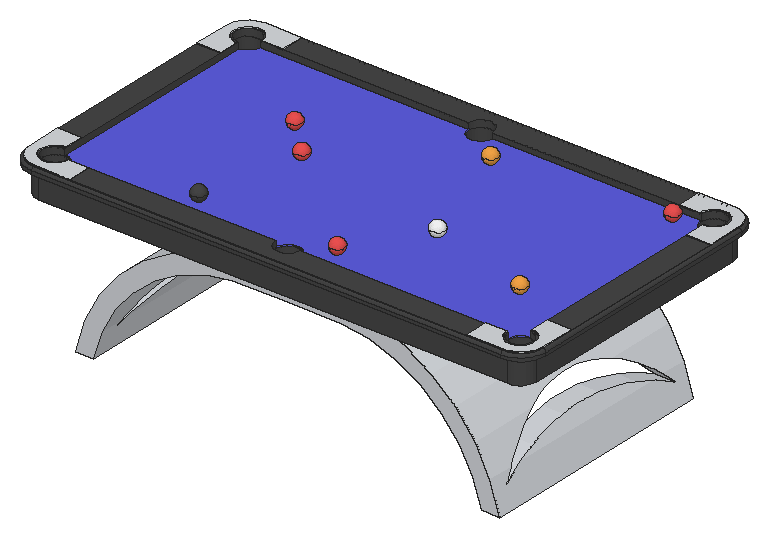
Revit family
Parameters
  Assembly Code = ""
Reference planes (in)
  plane 1 "Center (Front/Back)": y = 0
  plane 2: z = 0
  plane 3 "Center (Left/Right)": x = 0
  plane 4: z = 37.79528
Forms (in)
  Extrusion 1, solid, material "table material-black"
    sketch origin (0, 0, 0) x (1, 0, 0) y (0, 1, 0)
      loop
        line (-52.55906, 0) -> (52.55906, 0)
        arc (52.55906, 0) -> (56.45649, 1.61437) -> (58.07087, 5.51181) r 5.51181
        line (58.07087, 5.51181) -> (58.07087, 60.43307)
        arc (58.07087, 60.43307) -> (56.45649, 64.33051) -> (52.55906, 65.94488) r 5.51181
        line (52.55906, 65.94488) -> (-52.55906, 65.94488)
        arc (-52.55906, 65.94488) -> (-56.45649, 64.33051) -> (-58.07087, 60.43307) r 5.51181
        line (-58.07087, 60.43307) -> (-58.07087, 5.51181)
        arc (-58.07087, 5.51181) -> (-56.45649, 1.61437) -> (-52.55906, 0) r 5.51181
      loop
        line (49.40945, 60.03937) -> (2.75591, 60.03937)
        arc (2.75591, 60.03937) -> (0, 62.79528) -> (-2.75591, 60.03937) r 2.75591
        line (-2.75591, 60.03937) -> (-49.40945, 60.03937)
        arc (-49.40945, 60.03937) -> (-54.11407, 61.98809) -> (-52.16535, 57.28346) r 2.75591
        line (-52.16535, 57.28346) -> (-52.16535, 8.66142)
        arc (-52.16535, 8.66142) -> (-54.11407, 3.95679) -> (-49.40945, 5.90551) r 2.75591
        line (-49.40945, 5.90551) -> (-2.75591, 5.90551)
        arc (-2.75591, 5.90551) -> (0, 3.14961) -> (2.75591, 5.90551) r 2.75591
        line (2.75591, 5.90551) -> (49.40945, 5.90551)
        arc (49.40945, 5.90551) -> (54.11407, 3.95679) -> (52.16535, 8.66142) r 2.75591
        line (52.16535, 8.66142) -> (52.16535, 57.28346)
        arc (52.16535, 57.28346) -> (54.11407, 61.98809) -> (49.40945, 60.03937) r 2.75591
    from 36.32242 to 37.79528
  Sweep 2, void
    path origin (0, 0, 0) x (1, 0, 0) y (0, 1, 0)
      loop
        line (52.55906, 65.94488) -> (-52.55906, 65.94488)
        arc (-52.55906, 65.94488) -> (-56.45649, 64.33051) -> (-58.07087, 60.43307) r 5.51181
        line (-58.07087, 60.43307) -> (-58.07087, 5.51181)
        arc (-58.07087, 5.51181) -> (-56.45649, 1.61437) -> (-52.55906, 0) r 5.51181
        line (-52.55906, 0) -> (52.55906, 0)
        arc (52.55906, 0) -> (56.45649, 1.61437) -> (58.07087, 5.51181) r 5.51181
        line (58.07087, 5.51181) -> (58.07087, 60.43307)
        arc (58.07087, 60.43307) -> (56.45649, 64.33051) -> (52.55906, 65.94488) r 5.51181
    profile origin (0, 65.94488, 0) x (0, -1, 0) y (0, 0, 1)
      loop
        line (0, 37.79528) -> (0, 37.00787)
        arc (0, 37.00787) -> (0.18825, 37.40624) -> (0.52833, 37.68638) r 1.00886
        line (0.52833, 37.68638) -> (0.52833, 37.79528) -> (0, 37.79528)
  Extrusion 3, solid, material "table material-blue"
    sketch origin (0, 0, 0) x (1, 0, 0) y (0, 1, 0)
      loop
        arc (-49.40945, 60.03937) -> (-50.21663, 58.09065) -> (-52.16535, 57.28346) r 2.75591
        line (-52.16535, 57.28346) -> (-52.16535, 8.66142)
        arc (-52.16535, 8.66142) -> (-50.21663, 7.85423) -> (-49.40945, 5.90551) r 2.75591
        line (-49.40945, 5.90551) -> (-2.75591, 5.90551)
        arc (-2.75591, 5.90551) -> (0, 8.66142) -> (2.75591, 5.90551) r 2.75591
        line (2.75591, 5.90551) -> (49.40945, 5.90551)
        arc (49.40945, 5.90551) -> (50.21663, 7.85423) -> (52.16535, 8.66142) r 2.75591
        line (52.16535, 8.66142) -> (52.16535, 57.28346)
        arc (52.16535, 57.28346) -> (50.21663, 58.09065) -> (49.40945, 60.03937) r 2.75591
        line (49.40945, 60.03937) -> (2.75591, 60.03937)
        arc (2.75591, 60.03937) -> (0, 57.28346) -> (-2.75591, 60.03937) r 2.75591
        line (-2.75591, 60.03937) -> (-49.40945, 60.03937)
    from 36.32242 to 36.54124
  Extrusion 4, solid, material "table material-black"
    sketch origin (0, 0, 0) x (1, 0, 0) y (0, 1, 0)
      loop
        arc (-52.55906, 63.97638) -> (-55.06455, 62.93857) -> (-56.10236, 60.43307) r 3.54331
        line (-56.10236, 60.43307) -> (-56.10236, 5.51181)
        arc (-56.10236, 5.51181) -> (-55.06455, 3.00631) -> (-52.55906, 1.9685) r 3.54331
        line (-52.55906, 1.9685) -> (52.55906, 1.9685)
        arc (52.55906, 1.9685) -> (55.06455, 3.00631) -> (56.10236, 5.51181) r 3.54331
        line (56.10236, 5.51181) -> (56.10236, 60.43307)
        arc (56.10236, 60.43307) -> (55.06455, 62.93857) -> (52.55906, 63.97638) r 3.54331
        line (52.55906, 63.97638) -> (-52.55906, 63.97638)
    from 30.43329 to 36.32242
  Extrusion 5, void
    sketch origin (0, 0, 0) x (1, 0, 0) y (0, 1, 0)
      loop
        arc (-52.16535, 57.28346) -> (-50.21663, 58.09065) -> (-49.40945, 60.03937) r 2.75591
        arc (-49.40945, 60.03937) -> (-54.11407, 61.98809) -> (-52.16535, 57.28346) r 2.75591
    from 32.80072 to 41.14448
  Extrusion 6, void
    sketch origin (52.16535, 0, 0) x (1, 0, 0) y (0, 1, 0)
      loop
        arc (-52.16535, 57.28346) -> (-50.21663, 58.09065) -> (-49.40945, 60.03937) r 2.75591
        arc (-49.40945, 60.03937) -> (-54.11407, 61.98809) -> (-52.16535, 57.28346) r 2.75591
    from 32.80072 to 41.14448
  Extrusion 7, void
    sketch origin (104.33071, 0, 0) x (1, 0, 0) y (0, 1, 0)
      loop
        arc (-52.16535, 57.28346) -> (-50.21663, 58.09065) -> (-49.40945, 60.03937) r 2.75591
        arc (-49.40945, 60.03937) -> (-54.11407, 61.98809) -> (-52.16535, 57.28346) r 2.75591
    from 32.80072 to 41.14448
  Extrusion 8, void
    sketch origin (52.16535, -54.13386, 0) x (1, 0, 0) y (0, 1, 0)
      loop
        arc (-52.16535, 57.28346) -> (-50.21663, 58.09065) -> (-49.40945, 60.03937) r 2.75591
        arc (-49.40945, 60.03937) -> (-54.11407, 61.98809) -> (-52.16535, 57.28346) r 2.75591
    from 32.80072 to 41.14448
  Extrusion 9, void
    sketch origin (0, -54.13386, 0) x (1, 0, 0) y (0, 1, 0)
      loop
        arc (-52.16535, 57.28346) -> (-50.21663, 58.09065) -> (-49.40945, 60.03937) r 2.75591
        arc (-49.40945, 60.03937) -> (-54.11407, 61.98809) -> (-52.16535, 57.28346) r 2.75591
    from 32.80072 to 41.14448
  Extrusion 10, void
    sketch origin (104.33071, -54.13386, 0) x (1, 0, 0) y (0, 1, 0)
      loop
        arc (-52.16535, 57.28346) -> (-50.21663, 58.09065) -> (-49.40945, 60.03937) r 2.75591
        arc (-49.40945, 60.03937) -> (-54.11407, 61.98809) -> (-52.16535, 57.28346) r 2.75591
    from 32.80072 to 41.14448
  Extrusion 11, solid, material "table material-steel"
    sketch origin (0, 0, 0) x (1, 0, 0) y (0, 1, 0)
      loop
        arc (-52.16535, 56.88976) -> (-54.39246, 62.26648) -> (-49.01575, 60.03937) r 3.14961
        line (-49.01575, 60.03937) -> (-44.48819, 60.03937) -> (-44.48819, 65.41655) -> (-52.55906, 65.41655)
        arc (-52.55906, 65.41655) -> (-56.08291, 63.95693) -> (-57.54254, 60.43307) r 4.98348
        line (-57.54254, 60.43307) -> (-57.54254, 52.3622) -> (-52.16535, 52.3622) -> (-52.16535, 56.88976)
    from 37.79528 to 37.91632
  Extrusion 12, solid, material "table material-steel"
    sketch origin (0, 0, 0) x (-1, 0, 0) y (0, -1, 0)
      loop
        line (-52.16535, -56.88976) -> (-52.16535, -52.3622) -> (-57.54254, -52.3622) -> (-57.54254, -60.43307)
        arc (-57.54254, -60.43307) -> (-56.08291, -63.95693) -> (-52.55906, -65.41655) r 4.98348
        line (-52.55906, -65.41655) -> (-44.48819, -65.41655) -> (-44.48819, -60.03937) -> (-49.01575, -60.03937)
        arc (-49.01575, -60.03937) -> (-54.39246, -62.26648) -> (-52.16535, -56.88976) r 3.14961
    from 37.79528 to 37.91632
  Extrusion 13, solid, material "table material-steel"
    sketch origin (0, 65.94488, 0) x (1, 0, 0) y (0, 1, 0)
      loop
        line (-52.16535, -56.88976) -> (-52.16535, -52.3622) -> (-57.54254, -52.3622) -> (-57.54254, -60.43307)
        arc (-57.54254, -60.43307) -> (-56.08291, -63.95693) -> (-52.55906, -65.41655) r 4.98348
        line (-52.55906, -65.41655) -> (-44.48819, -65.41655) -> (-44.48819, -60.03937) -> (-49.01575, -60.03937)
        arc (-49.01575, -60.03937) -> (-54.39246, -62.26648) -> (-52.16535, -56.88976) r 3.14961
    from 37.79528 to 37.91632
  Extrusion 14, solid, material "table material-steel"
    sketch origin (0, 65.94488, 0) x (-1, 0, 0) y (0, -1, 0)
      loop
        arc (-52.16535, 56.88976) -> (-54.39246, 62.26648) -> (-49.01575, 60.03937) r 3.14961
        line (-49.01575, 60.03937) -> (-44.48819, 60.03937) -> (-44.48819, 65.41655) -> (-52.55906, 65.41655)
        arc (-52.55906, 65.41655) -> (-56.08291, 63.95693) -> (-57.54254, 60.43307) r 4.98348
        line (-57.54254, 60.43307) -> (-57.54254, 52.3622) -> (-52.16535, 52.3622) -> (-52.16535, 56.88976)
    from 37.79528 to 37.91632
  Revolve 15, solid, material "snooker ball-red"
    sketch origin (0, 3.15454, 38.1181) x (1, 0, 0) y (0, 1, 0)
      loop
        arc (-26.62628, 39.63473) -> (-28.20108, 38.05993) -> (-26.62628, 36.48512) r 1.5748
        line (-26.62628, 36.48512) -> (-26.62628, 39.63473)
      axis (-26.62628, 36.48512) -> (-26.62628, 39.63473)
    angle from 0 to 360
  Revolve 16, solid, material "snooker ball-red"
    sketch origin (7.79488, -4.64034, 38.1181) x (1, 0, 0) y (0, 1, 0)
      loop
        arc (-26.62628, 39.63473) -> (-28.20108, 38.05993) -> (-26.62628, 36.48512) r 1.5748
        line (-26.62628, 36.48512) -> (-26.62628, 39.63473)
      axis (-26.62628, 36.48512) -> (-26.62628, 39.63473)
    angle from 0 to 360
  Revolve 17, solid, material "snooker ball-red"
    sketch origin (72.16752, 18.78939, 38.1181) x (1, 0, 0) y (0, 1, 0)
      loop
        arc (-26.62628, 39.63473) -> (-28.20108, 38.05993) -> (-26.62628, 36.48512) r 1.5748
        line (-26.62628, 36.48512) -> (-26.62628, 39.63473)
      axis (-26.62628, 36.48512) -> (-26.62628, 39.63473)
    angle from 0 to 360
  Revolve 18, solid, material "snooker ball-red"
    sketch origin (33.70149, -27.05264, 38.1181) x (1, 0, 0) y (0, 1, 0)
      loop
        arc (-26.62628, 39.63473) -> (-28.20108, 38.05993) -> (-26.62628, 36.48512) r 1.5748
        line (-26.62628, 36.48512) -> (-26.62628, 39.63473)
      axis (-26.62628, 36.48512) -> (-26.62628, 39.63473)
    angle from 0 to 360
  Revolve 19, solid, material "snooker ball-orange"
    sketch origin (34.54977, 14.79823, 38.1181) x (1, 0, 0) y (0, 1, 0)
      loop
        arc (-26.62628, 39.63473) -> (-28.20108, 38.05993) -> (-26.62628, 36.48512) r 1.5748
        line (-26.62628, 36.48512) -> (-26.62628, 39.63473)
      axis (-26.62628, 36.48512) -> (-26.62628, 39.63473)
    angle from 0 to 360
  Revolve 20, solid, material "snooker ball-orange"
    sketch origin (67.39961, -18.05161, 38.1181) x (1, 0, 0) y (0, 1, 0)
      loop
        arc (-26.62628, 39.63473) -> (-28.20108, 38.05993) -> (-26.62628, 36.48512) r 1.5748
        line (-26.62628, 36.48512) -> (-26.62628, 39.63473)
      axis (-26.62628, 36.48512) -> (-26.62628, 39.63473)
    angle from 0 to 360
  Revolve 21, solid, material "snooker ball-white"
    sketch origin (43.52212, -11.25937, 38.1181) x (1, 0, 0) y (0, 1, 0)
      loop
        arc (-26.62628, 39.63473) -> (-28.20108, 38.05993) -> (-26.62628, 36.48512) r 1.5748
        line (-26.62628, 36.48512) -> (-26.62628, 39.63473)
      axis (-26.62628, 36.48512) -> (-26.62628, 39.63473)
    angle from 0 to 360
  Revolve 22, solid, material "snooker ball-black"
    sketch origin (2.98343, -27.51771, 38.1181) x (1, 0, 0) y (0, 1, 0)
      loop
        arc (-26.62628, 39.63473) -> (-28.20108, 38.05993) -> (-26.62628, 36.48512) r 1.5748
        line (-26.62628, 36.48512) -> (-26.62628, 39.63473)
      axis (-26.62628, 36.48512) -> (-26.62628, 39.63473)
    angle from 0 to 360
  Extrusion 23, solid
    sketch origin (0, 0, 0) x (1, 0, 0) y (0, 0, 1)
      loop
        line (-47.44094, 0) -> (-43.41577, 0)
        arc (-43.41577, 0) -> (-32.23779, 18.46888) -> (-12.20037, 26.50307) r 34.04681
        line (-12.20037, 26.50307) -> (0, 26.50307) -> (12.20037, 26.50307)
        arc (12.20037, 26.50307) -> (32.23779, 18.46888) -> (43.41577, 0) r 34.04681
        line (43.41577, 0) -> (47.44094, 0)
        arc (47.44094, 0) -> (35.12155, 21.18171) -> (12.43146, 30.43329) r 37.98382
        line (12.43146, 30.43329) -> (0, 30.43329) -> (-12.43146, 30.43329)
        arc (-12.43146, 30.43329) -> (-35.12155, 21.18171) -> (-47.44094, 0) r 37.98382
    from -60.03937 to -5.90551
  Extrusion 24, void
    sketch origin (0, 0, 0) x (0, 1, 0) y (0, 0, 1)
      loop
        arc (56.47281, 4.62783) -> (32.97244, 15.35644) -> (9.47208, 4.62783) r 31.10236
        arc (9.47208, 4.62783) -> (32.97244, 10.12609) -> (56.47281, 4.62783) r 52.97106
    from -68.88746 to 60.45154
Cuts and joins
  Sweep 2, Extrusion 5, Extrusion 6, Extrusion 7, Extrusion 8, Extrusion 9, Extrusion 10 cuts Extrusion 1
  Extrusion 5, Extrusion 6, Extrusion 7, Extrusion 8, Extrusion 9, Extrusion 10 cuts Extrusion 4
  Extrusion 6, Extrusion 7, Extrusion 8, Extrusion 9, Extrusion 10 cuts Extrusion 3
  Extrusion 24 cuts Extrusion 23
Lines and regions (in)
  model lines
    curve 1: line (0, 5.90551, 0) -> (0, 5.90551, 168)
